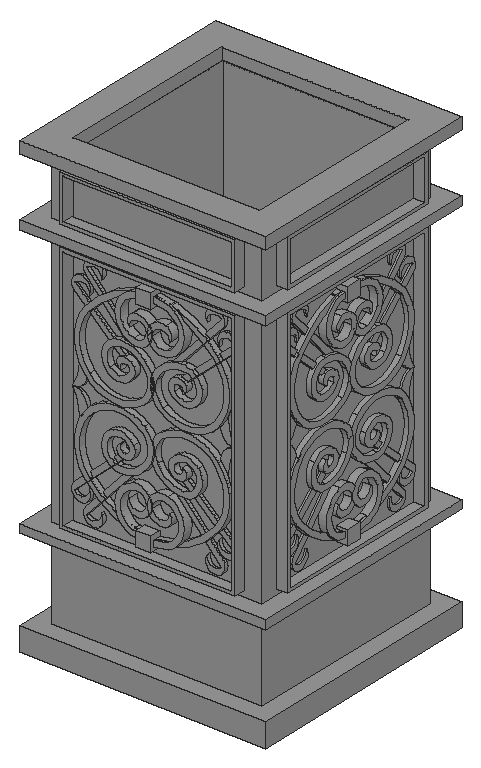
Revit family "Урна чугунная «Черниговская» Арт 15202", category Антураж, Revit 2018 (continued)
Automatic sketch dimensions
  Extrusion 64 sketch curve to Extrusion 64 sketch curve = 1.986 mm
  Extrusion 64 sketch curve to Extrusion 64 sketch curve = 17.621 mm
  Extrusion 64 sketch curve to Extrusion 64 sketch curve = 45.647 mm
  Extrusion 64 sketch curve to Extrusion 64 sketch curve = 2.862 mm
  Extrusion 64 sketch curve to Extrusion 64 sketch curve = 6.452 mm
  Extrusion 64 sketch curve to Extrusion 64 sketch curve = 11.077 mm
  Extrusion 64 sketch curve to Extrusion 64 sketch curve = 20.878 mm
  Extrusion 64 sketch curve to Extrusion 64 sketch curve = 2.122 mm
  Extrusion 64 sketch curve to Extrusion 64 sketch curve = 7.192 mm
  Extrusion 64 sketch curve to Extrusion 64 sketch curve = 2.576 mm
  Extrusion 64 sketch curve to Extrusion 64 sketch curve = 0.898 mm
  Extrusion 64 sketch curve to Extrusion 64 sketch curve = 8.092 mm
  Extrusion 64 sketch curve to Extrusion 64 sketch curve = 23.853 mm
  plane 3 "По центру (Влево/Вправо)" to Extrusion 65 sketch curve = 60 mm  (x2)
  Extrusion 65 sketch curve to Extrusion 65 sketch curve = 5 mm  (x8)
  Extrusion 65 sketch curve to plane 4 = 65 mm  (x2)
  level to Extrusion 65 sketch curve = 205 mm
  Extrusion 65 sketch curve to plane 6 = 150 mm
  Extrusion 65 sketch curve to Extrusion 65 sketch curve = 35 mm
  Extrusion 65 sketch curve to plane 6 = 35 mm
  plane 3 "По центру (Влево/Вправо)" to Extrusion 66 sketch curve = 202.5 mm
  Extrusion 66 sketch curve to Extrusion 66 sketch curve = 25 mm  (x2)
  Extrusion 66 sketch curve to plane 6 = 185.915 mm
  Extrusion 67 sketch curve to Extrusion 67 sketch curve = 0 mm  (x11)
  plane 3 "По центру (Влево/Вправо)" to Extrusion 67 sketch curve = 184.751 mm
  Extrusion 67 sketch curve to Extrusion 67 sketch curve = 0.633 mm
  Extrusion 67 sketch curve to Extrusion 67 sketch curve = 2.372 mm
  Extrusion 67 sketch curve to Extrusion 67 sketch curve = 5.824 mm
  Extrusion 67 sketch curve to Extrusion 67 sketch curve = 12.454 mm
  Extrusion 67 sketch curve to Extrusion 67 sketch curve = 29.04 mm
  Extrusion 67 sketch curve to plane 6 = 325.117 mm
  Extrusion 67 sketch curve to Extrusion 67 sketch curve = 97.879 mm
  Extrusion 67 sketch curve to Extrusion 67 sketch curve = 0.042 mm
  Extrusion 67 sketch curve to Extrusion 67 sketch curve = 8.778 mm
  Extrusion 67 sketch curve to Extrusion 67 sketch curve = 6.282 mm
  Extrusion 67 sketch curve to Extrusion 67 sketch curve = 34.487 mm
  Extrusion 67 sketch curve to Extrusion 67 sketch curve = 9.617 mm
  Extrusion 67 sketch curve to Extrusion 67 sketch curve = 10.522 mm
  Extrusion 67 sketch curve to Extrusion 67 sketch curve = 5.369 mm
  Extrusion 67 sketch curve to Extrusion 67 sketch curve = 3.121 mm
  Extrusion 67 sketch curve to Extrusion 67 sketch curve = 11.723 mm
  Extrusion 68 sketch curve to Extrusion 68 sketch curve = 0 mm  (x25)
  plane 3 "По центру (Влево/Вправо)" to Extrusion 68 sketch curve = 149.753 mm
  Extrusion 68 sketch curve to Extrusion 68 sketch curve = 2.264 mm
  Extrusion 68 sketch curve to Extrusion 68 sketch curve = 2.333 mm
  Extrusion 68 sketch curve to Extrusion 68 sketch curve = 3.575 mm
  Extrusion 68 sketch curve to Extrusion 68 sketch curve = 4.351 mm
  Extrusion 68 sketch curve to Extrusion 68 sketch curve = 4.85 mm
  Extrusion 68 sketch curve to Extrusion 68 sketch curve = 3.57 mm
  Extrusion 68 sketch curve to Extrusion 68 sketch curve = 5.249 mm
  Extrusion 68 sketch curve to Extrusion 68 sketch curve = 43.828 mm
  Extrusion 68 sketch curve to Extrusion 68 sketch curve = 49.275 mm
  Extrusion 68 sketch curve to plane 6 = 325.117 mm
  Extrusion 68 sketch curve to Extrusion 68 sketch curve = 12.045 mm
  Extrusion 68 sketch curve to Extrusion 68 sketch curve = 5.504 mm
  Extrusion 68 sketch curve to Extrusion 68 sketch curve = 10.303 mm
  Extrusion 68 sketch curve to Extrusion 68 sketch curve = 5.937 mm
  Extrusion 68 sketch curve to Extrusion 68 sketch curve = 0.23 mm
  Extrusion 68 sketch curve to Extrusion 68 sketch curve = 1.891 mm
  Extrusion 68 sketch curve to Extrusion 68 sketch curve = 3.4 mm
  Extrusion 68 sketch curve to Extrusion 68 sketch curve = 11.113 mm
  Extrusion 68 sketch curve to Extrusion 68 sketch curve = 100.401 mm
  Extrusion 68 sketch curve to Extrusion 68 sketch curve = 9.617 mm
  Extrusion 68 sketch curve to Extrusion 68 sketch curve = 15.274 mm
  Extrusion 68 sketch curve to Extrusion 68 sketch curve = 7.441 mm
  Extrusion 68 sketch curve to Extrusion 68 sketch curve = 27.201 mm
  Extrusion 68 sketch curve to Extrusion 68 sketch curve = 7.419 mm
  Extrusion 68 sketch curve to Extrusion 68 sketch curve = 3.617 mm
  Extrusion 68 sketch curve to Extrusion 68 sketch curve = 6.601 mm
  plane 3 "По центру (Влево/Вправо)" to Extrusion 69 sketch curve = 9.083 mm
  plane 3 "По центру (Влево/Вправо)" to Extrusion 69 sketch curve = 70.26 mm
  Extrusion 69 sketch curve to Extrusion 69 sketch curve = 61.747 mm
  Extrusion 69 sketch curve to Extrusion 69 sketch curve = 2.027 mm
  Extrusion 69 sketch curve to Extrusion 69 sketch curve = 13.364 mm
  Extrusion 69 sketch curve to Extrusion 69 sketch curve = 0.17 mm
  Extrusion 69 sketch curve to Extrusion 69 sketch curve = 7.163 mm
  Extrusion 69 sketch curve to Extrusion 69 sketch curve = 2.182 mm
  Extrusion 69 sketch curve to Extrusion 69 sketch curve = 12.798 mm
  Extrusion 69 sketch curve to Extrusion 69 sketch curve = 0.736 mm
  Extrusion 69 sketch curve to Extrusion 69 sketch curve = 80.062 mm
  Extrusion 69 sketch curve to Extrusion 69 sketch curve = 4.7 mm
  Extrusion 69 sketch curve to Extrusion 69 sketch curve = 8.308 mm
  Extrusion 69 sketch curve to Extrusion 69 sketch curve = 0.041 mm
  Extrusion 69 sketch curve to Extrusion 69 sketch curve = 1.338 mm
  Extrusion 69 sketch curve to Extrusion 69 sketch curve = 6.679 mm
  Extrusion 69 sketch curve to Extrusion 69 sketch curve = 15.967 mm
  Extrusion 69 sketch curve to plane 6 = 333.098 mm
  Extrusion 69 sketch curve to Extrusion 69 sketch curve = 14.779 mm
  Extrusion 69 sketch curve to Extrusion 69 sketch curve = 20.026 mm
  Extrusion 69 sketch curve to Extrusion 69 sketch curve = 15.807 mm
  Extrusion 69 sketch curve to Extrusion 69 sketch curve = 12.994 mm
  Extrusion 69 sketch curve to Extrusion 69 sketch curve = 1.986 mm
  Extrusion 69 sketch curve to Extrusion 69 sketch curve = 17.621 mm
  Extrusion 69 sketch curve to Extrusion 69 sketch curve = 45.647 mm
  Extrusion 69 sketch curve to Extrusion 69 sketch curve = 2.862 mm
  Extrusion 69 sketch curve to Extrusion 69 sketch curve = 6.452 mm
  Extrusion 69 sketch curve to Extrusion 69 sketch curve = 11.077 mm
  Extrusion 69 sketch curve to Extrusion 69 sketch curve = 20.878 mm
  Extrusion 69 sketch curve to Extrusion 69 sketch curve = 2.122 mm
  Extrusion 69 sketch curve to Extrusion 69 sketch curve = 7.192 mm
  Extrusion 69 sketch curve to Extrusion 69 sketch curve = 2.576 mm
  Extrusion 69 sketch curve to Extrusion 69 sketch curve = 0.898 mm
  Extrusion 69 sketch curve to Extrusion 69 sketch curve = 8.092 mm
  Extrusion 69 sketch curve to Extrusion 69 sketch curve = 23.853 mm
  Extrusion 70 sketch curve to Extrusion 70 sketch curve = 0 mm  (x11)
  Extrusion 70 sketch curve to plane 4 = 184.751 mm
  Extrusion 70 sketch curve to Extrusion 70 sketch curve = 0.633 mm
  Extrusion 70 sketch curve to Extrusion 70 sketch curve = 2.372 mm
  Extrusion 70 sketch curve to Extrusion 70 sketch curve = 5.824 mm
  Extrusion 70 sketch curve to Extrusion 70 sketch curve = 12.454 mm
  Extrusion 70 sketch curve to Extrusion 70 sketch curve = 29.04 mm
  Extrusion 70 sketch curve to plane 6 = 168.076 mm
  Extrusion 70 sketch curve to Extrusion 70 sketch curve = 9.617 mm
  Extrusion 70 sketch curve to Extrusion 70 sketch curve = 34.487 mm
  Extrusion 70 sketch curve to Extrusion 70 sketch curve = 6.282 mm
  Extrusion 70 sketch curve to Extrusion 70 sketch curve = 8.735 mm
  Extrusion 70 sketch curve to Extrusion 70 sketch curve = 0.042 mm
  Extrusion 70 sketch curve to Extrusion 70 sketch curve = 97.921 mm
  Extrusion 70 sketch curve to Extrusion 70 sketch curve = 10.522 mm
  Extrusion 70 sketch curve to Extrusion 70 sketch curve = 5.369 mm
  Extrusion 70 sketch curve to Extrusion 70 sketch curve = 3.121 mm
  Extrusion 70 sketch curve to Extrusion 70 sketch curve = 11.723 mm
  Extrusion 71 sketch curve to Extrusion 71 sketch curve = 0 mm  (x25)
  Extrusion 71 sketch curve to plane 4 = 149.753 mm
  Extrusion 71 sketch curve to Extrusion 71 sketch curve = 2.264 mm
  Extrusion 71 sketch curve to Extrusion 71 sketch curve = 2.333 mm
  Extrusion 71 sketch curve to Extrusion 71 sketch curve = 3.575 mm
  Extrusion 71 sketch curve to Extrusion 71 sketch curve = 4.351 mm
  Extrusion 71 sketch curve to Extrusion 71 sketch curve = 4.85 mm
  Extrusion 71 sketch curve to Extrusion 71 sketch curve = 3.57 mm
  Extrusion 71 sketch curve to Extrusion 71 sketch curve = 5.249 mm
  Extrusion 71 sketch curve to Extrusion 71 sketch curve = 43.828 mm
  Extrusion 71 sketch curve to Extrusion 71 sketch curve = 49.275 mm
  Extrusion 71 sketch curve to plane 6 = 168.076 mm
  Extrusion 71 sketch curve to Extrusion 71 sketch curve = 9.617 mm
  Extrusion 71 sketch curve to Extrusion 71 sketch curve = 100.401 mm
  Extrusion 71 sketch curve to Extrusion 71 sketch curve = 7.713 mm
  Extrusion 71 sketch curve to Extrusion 71 sketch curve = 3.4 mm
  Extrusion 71 sketch curve to Extrusion 71 sketch curve = 1.891 mm
  Extrusion 71 sketch curve to Extrusion 71 sketch curve = 2.121 mm
  Extrusion 71 sketch curve to Extrusion 71 sketch curve = 5.937 mm
  Extrusion 71 sketch curve to Extrusion 71 sketch curve = 10.303 mm
  Extrusion 71 sketch curve to Extrusion 71 sketch curve = 5.504 mm
  Extrusion 71 sketch curve to Extrusion 71 sketch curve = 17.549 mm
  Extrusion 71 sketch curve to Extrusion 71 sketch curve = 15.274 mm
  Extrusion 71 sketch curve to Extrusion 71 sketch curve = 7.441 mm
  Extrusion 71 sketch curve to Extrusion 71 sketch curve = 27.201 mm
  Extrusion 71 sketch curve to Extrusion 71 sketch curve = 7.419 mm
  Extrusion 71 sketch curve to Extrusion 71 sketch curve = 3.617 mm
  Extrusion 71 sketch curve to Extrusion 71 sketch curve = 6.601 mm
  Extrusion 72 sketch curve to plane 4 = 9.083 mm
  Extrusion 72 sketch curve to plane 4 = 70.26 mm
  Extrusion 72 sketch curve to Extrusion 72 sketch curve = 61.747 mm
  Extrusion 72 sketch curve to Extrusion 72 sketch curve = 2.027 mm
  Extrusion 72 sketch curve to Extrusion 72 sketch curve = 13.364 mm
  Extrusion 72 sketch curve to Extrusion 72 sketch curve = 0.17 mm
  Extrusion 72 sketch curve to Extrusion 72 sketch curve = 7.163 mm
  Extrusion 72 sketch curve to Extrusion 72 sketch curve = 2.182 mm
  Extrusion 72 sketch curve to Extrusion 72 sketch curve = 12.798 mm
  Extrusion 72 sketch curve to Extrusion 72 sketch curve = 0.736 mm
  Extrusion 72 sketch curve to Extrusion 72 sketch curve = 80.062 mm
  Extrusion 72 sketch curve to Extrusion 72 sketch curve = 4.7 mm
  Extrusion 72 sketch curve to Extrusion 72 sketch curve = 8.308 mm
  Extrusion 72 sketch curve to Extrusion 72 sketch curve = 0.041 mm
  Extrusion 72 sketch curve to Extrusion 72 sketch curve = 1.338 mm
  Extrusion 72 sketch curve to Extrusion 72 sketch curve = 6.679 mm
  Extrusion 72 sketch curve to Extrusion 72 sketch curve = 15.967 mm
  Extrusion 72 sketch curve to plane 6 = 169.324 mm
  Extrusion 72 sketch curve to Extrusion 72 sketch curve = 2.576 mm
  Extrusion 72 sketch curve to Extrusion 72 sketch curve = 7.192 mm
  Extrusion 72 sketch curve to Extrusion 72 sketch curve = 11.89 mm
  Extrusion 72 sketch curve to Extrusion 72 sketch curve = 19.116 mm
  Extrusion 72 sketch curve to Extrusion 72 sketch curve = 1.762 mm
  Extrusion 72 sketch curve to Extrusion 72 sketch curve = 6.452 mm
  Extrusion 72 sketch curve to Extrusion 72 sketch curve = 11.077 mm
  Extrusion 72 sketch curve to Extrusion 72 sketch curve = 45.647 mm
  Extrusion 72 sketch curve to Extrusion 72 sketch curve = 3.42 mm
  Extrusion 72 sketch curve to Extrusion 72 sketch curve = 21.041 mm
  Extrusion 72 sketch curve to Extrusion 72 sketch curve = 1.986 mm
  Extrusion 72 sketch curve to Extrusion 72 sketch curve = 6.177 mm
  Extrusion 72 sketch curve to Extrusion 72 sketch curve = 106.913 mm
  Extrusion 72 sketch curve to Extrusion 72 sketch curve = 14.779 mm
  Extrusion 72 sketch curve to Extrusion 72 sketch curve = 0.898 mm
  Extrusion 72 sketch curve to Extrusion 72 sketch curve = 8.092 mm
  Extrusion 72 sketch curve to Extrusion 72 sketch curve = 23.853 mm
  plane 3 "По центру (Влево/Вправо)" to Extrusion 73 sketch curve = 202.5 mm
  Extrusion 73 sketch curve to Extrusion 73 sketch curve = 25 mm  (x2)
  level to Extrusion 73 sketch curve = 220.915 mm
  Extrusion 74 sketch curve to Extrusion 74 sketch curve = 0 mm  (x11)
  plane 3 "По центру (Влево/Вправо)" to Extrusion 74 sketch curve = 184.751 mm
  Extrusion 74 sketch curve to Extrusion 74 sketch curve = 0.633 mm
  Extrusion 74 sketch curve to Extrusion 74 sketch curve = 2.372 mm
  Extrusion 74 sketch curve to Extrusion 74 sketch curve = 5.824 mm
  Extrusion 74 sketch curve to Extrusion 74 sketch curve = 12.454 mm
  Extrusion 74 sketch curve to Extrusion 74 sketch curve = 29.04 mm
  level to Extrusion 74 sketch curve = 228.076 mm
  Extrusion 74 sketch curve to Extrusion 74 sketch curve = 9.617 mm
  Extrusion 74 sketch curve to Extrusion 74 sketch curve = 34.487 mm
  Extrusion 74 sketch curve to Extrusion 74 sketch curve = 6.282 mm
  Extrusion 74 sketch curve to Extrusion 74 sketch curve = 8.735 mm
  Extrusion 74 sketch curve to Extrusion 74 sketch curve = 0.042 mm
  Extrusion 74 sketch curve to Extrusion 74 sketch curve = 97.921 mm
  Extrusion 74 sketch curve to Extrusion 74 sketch curve = 10.522 mm
  Extrusion 74 sketch curve to Extrusion 74 sketch curve = 5.369 mm
  Extrusion 74 sketch curve to Extrusion 74 sketch curve = 3.121 mm
  Extrusion 74 sketch curve to Extrusion 74 sketch curve = 11.723 mm
  Extrusion 75 sketch curve to Extrusion 75 sketch curve = 0 mm  (x25)
  plane 3 "По центру (Влево/Вправо)" to Extrusion 75 sketch curve = 149.753 mm
  Extrusion 75 sketch curve to Extrusion 75 sketch curve = 2.264 mm
  Extrusion 75 sketch curve to Extrusion 75 sketch curve = 2.333 mm
  Extrusion 75 sketch curve to Extrusion 75 sketch curve = 3.575 mm
  Extrusion 75 sketch curve to Extrusion 75 sketch curve = 4.351 mm
  Extrusion 75 sketch curve to Extrusion 75 sketch curve = 4.85 mm
  Extrusion 75 sketch curve to Extrusion 75 sketch curve = 3.57 mm
  Extrusion 75 sketch curve to Extrusion 75 sketch curve = 5.249 mm
  Extrusion 75 sketch curve to Extrusion 75 sketch curve = 43.828 mm
  Extrusion 75 sketch curve to Extrusion 75 sketch curve = 49.275 mm
  level to Extrusion 75 sketch curve = 228.076 mm
  Extrusion 75 sketch curve to Extrusion 75 sketch curve = 9.617 mm
  Extrusion 75 sketch curve to Extrusion 75 sketch curve = 100.401 mm
  Extrusion 75 sketch curve to Extrusion 75 sketch curve = 7.713 mm
  Extrusion 75 sketch curve to Extrusion 75 sketch curve = 3.4 mm
  Extrusion 75 sketch curve to Extrusion 75 sketch curve = 1.891 mm
  Extrusion 75 sketch curve to Extrusion 75 sketch curve = 2.121 mm
  Extrusion 75 sketch curve to Extrusion 75 sketch curve = 5.937 mm
  Extrusion 75 sketch curve to Extrusion 75 sketch curve = 10.303 mm
  Extrusion 75 sketch curve to Extrusion 75 sketch curve = 5.504 mm
  Extrusion 75 sketch curve to Extrusion 75 sketch curve = 17.549 mm
  Extrusion 75 sketch curve to Extrusion 75 sketch curve = 15.274 mm
  Extrusion 75 sketch curve to Extrusion 75 sketch curve = 7.441 mm
  Extrusion 75 sketch curve to Extrusion 75 sketch curve = 27.201 mm
  Extrusion 75 sketch curve to Extrusion 75 sketch curve = 7.419 mm
  Extrusion 75 sketch curve to Extrusion 75 sketch curve = 3.617 mm
  Extrusion 75 sketch curve to Extrusion 75 sketch curve = 6.601 mm
  plane 3 "По центру (Влево/Вправо)" to Extrusion 76 sketch curve = 9.083 mm
  plane 3 "По центру (Влево/Вправо)" to Extrusion 76 sketch curve = 70.26 mm
  Extrusion 76 sketch curve to Extrusion 76 sketch curve = 61.747 mm
  Extrusion 76 sketch curve to Extrusion 76 sketch curve = 2.027 mm
  Extrusion 76 sketch curve to Extrusion 76 sketch curve = 13.364 mm
  Extrusion 76 sketch curve to Extrusion 76 sketch curve = 0.17 mm
  Extrusion 76 sketch curve to Extrusion 76 sketch curve = 7.163 mm
  Extrusion 76 sketch curve to Extrusion 76 sketch curve = 2.182 mm
  Extrusion 76 sketch curve to Extrusion 76 sketch curve = 12.798 mm
  Extrusion 76 sketch curve to Extrusion 76 sketch curve = 0.736 mm
  Extrusion 76 sketch curve to Extrusion 76 sketch curve = 80.062 mm
  Extrusion 76 sketch curve to Extrusion 76 sketch curve = 4.7 mm
  Extrusion 76 sketch curve to Extrusion 76 sketch curve = 8.308 mm
  Extrusion 76 sketch curve to Extrusion 76 sketch curve = 0.041 mm
  Extrusion 76 sketch curve to Extrusion 76 sketch curve = 1.338 mm
  Extrusion 76 sketch curve to Extrusion 76 sketch curve = 6.679 mm
  Extrusion 76 sketch curve to Extrusion 76 sketch curve = 15.967 mm
  level to Extrusion 76 sketch curve = 229.324 mm
  Extrusion 76 sketch curve to Extrusion 76 sketch curve = 2.576 mm
  Extrusion 76 sketch curve to Extrusion 76 sketch curve = 7.192 mm
  Extrusion 76 sketch curve to Extrusion 76 sketch curve = 11.89 mm
  Extrusion 76 sketch curve to Extrusion 76 sketch curve = 19.116 mm
  Extrusion 76 sketch curve to Extrusion 76 sketch curve = 1.762 mm
  Extrusion 76 sketch curve to Extrusion 76 sketch curve = 6.452 mm
  Extrusion 76 sketch curve to Extrusion 76 sketch curve = 11.077 mm
  Extrusion 76 sketch curve to Extrusion 76 sketch curve = 45.647 mm
  Extrusion 76 sketch curve to Extrusion 76 sketch curve = 3.42 mm
  Extrusion 76 sketch curve to Extrusion 76 sketch curve = 21.041 mm
  Extrusion 76 sketch curve to Extrusion 76 sketch curve = 1.986 mm
  Extrusion 76 sketch curve to Extrusion 76 sketch curve = 6.177 mm
  Extrusion 76 sketch curve to Extrusion 76 sketch curve = 106.913 mm
  Extrusion 76 sketch curve to Extrusion 76 sketch curve = 14.779 mm
  Extrusion 76 sketch curve to Extrusion 76 sketch curve = 0.898 mm
  Extrusion 76 sketch curve to Extrusion 76 sketch curve = 8.092 mm
  Extrusion 76 sketch curve to Extrusion 76 sketch curve = 23.853 mm
  Extrusion 77 sketch curve to Extrusion 77 sketch curve = 0 mm  (x11)
  Extrusion 77 sketch curve to plane 4 = 184.751 mm
  Extrusion 77 sketch curve to Extrusion 77 sketch curve = 0.633 mm
  Extrusion 77 sketch curve to Extrusion 77 sketch curve = 2.372 mm
  Extrusion 77 sketch curve to Extrusion 77 sketch curve = 5.824 mm
  Extrusion 77 sketch curve to Extrusion 77 sketch curve = 12.454 mm
  Extrusion 77 sketch curve to Extrusion 77 sketch curve = 29.04 mm
  level to Extrusion 77 sketch curve = 385.117 mm
  Extrusion 77 sketch curve to Extrusion 77 sketch curve = 97.879 mm
  Extrusion 77 sketch curve to Extrusion 77 sketch curve = 0.042 mm
  Extrusion 77 sketch curve to Extrusion 77 sketch curve = 8.778 mm
  Extrusion 77 sketch curve to Extrusion 77 sketch curve = 6.282 mm
  Extrusion 77 sketch curve to Extrusion 77 sketch curve = 34.487 mm
  Extrusion 77 sketch curve to Extrusion 77 sketch curve = 9.617 mm
  Extrusion 77 sketch curve to Extrusion 77 sketch curve = 10.522 mm
  Extrusion 77 sketch curve to Extrusion 77 sketch curve = 5.369 mm
  Extrusion 77 sketch curve to Extrusion 77 sketch curve = 3.121 mm
  Extrusion 77 sketch curve to Extrusion 77 sketch curve = 11.723 mm
  Extrusion 78 sketch curve to Extrusion 78 sketch curve = 0 mm  (x25)
  Extrusion 78 sketch curve to plane 4 = 149.753 mm
  Extrusion 78 sketch curve to Extrusion 78 sketch curve = 2.264 mm
  Extrusion 78 sketch curve to Extrusion 78 sketch curve = 2.333 mm
  Extrusion 78 sketch curve to Extrusion 78 sketch curve = 3.575 mm
  Extrusion 78 sketch curve to Extrusion 78 sketch curve = 4.351 mm
  Extrusion 78 sketch curve to Extrusion 78 sketch curve = 4.85 mm
  Extrusion 78 sketch curve to Extrusion 78 sketch curve = 3.57 mm
  Extrusion 78 sketch curve to Extrusion 78 sketch curve = 5.249 mm
  Extrusion 78 sketch curve to Extrusion 78 sketch curve = 43.828 mm
  Extrusion 78 sketch curve to Extrusion 78 sketch curve = 49.275 mm
  level to Extrusion 78 sketch curve = 385.117 mm
  Extrusion 78 sketch curve to Extrusion 78 sketch curve = 12.045 mm
  Extrusion 78 sketch curve to Extrusion 78 sketch curve = 5.504 mm
  Extrusion 78 sketch curve to Extrusion 78 sketch curve = 10.303 mm
  Extrusion 78 sketch curve to Extrusion 78 sketch curve = 5.937 mm
  Extrusion 78 sketch curve to Extrusion 78 sketch curve = 0.23 mm
  Extrusion 78 sketch curve to Extrusion 78 sketch curve = 1.891 mm
  Extrusion 78 sketch curve to Extrusion 78 sketch curve = 3.4 mm
  Extrusion 78 sketch curve to Extrusion 78 sketch curve = 11.113 mm
  Extrusion 78 sketch curve to Extrusion 78 sketch curve = 100.401 mm
  Extrusion 78 sketch curve to Extrusion 78 sketch curve = 9.617 mm
  Extrusion 78 sketch curve to Extrusion 78 sketch curve = 15.274 mm
  Extrusion 78 sketch curve to Extrusion 78 sketch curve = 7.441 mm
  Extrusion 78 sketch curve to Extrusion 78 sketch curve = 27.201 mm
  Extrusion 78 sketch curve to Extrusion 78 sketch curve = 7.419 mm
  Extrusion 78 sketch curve to Extrusion 78 sketch curve = 3.617 mm
  Extrusion 78 sketch curve to Extrusion 78 sketch curve = 6.601 mm
  Extrusion 79 sketch curve to plane 4 = 9.083 mm
  Extrusion 79 sketch curve to plane 4 = 70.26 mm
  Extrusion 79 sketch curve to Extrusion 79 sketch curve = 61.747 mm
  Extrusion 79 sketch curve to Extrusion 79 sketch curve = 2.027 mm
  Extrusion 79 sketch curve to Extrusion 79 sketch curve = 13.364 mm
  Extrusion 79 sketch curve to Extrusion 79 sketch curve = 0.17 mm
  Extrusion 79 sketch curve to Extrusion 79 sketch curve = 7.163 mm
  Extrusion 79 sketch curve to Extrusion 79 sketch curve = 2.182 mm
  Extrusion 79 sketch curve to Extrusion 79 sketch curve = 12.798 mm
  Extrusion 79 sketch curve to Extrusion 79 sketch curve = 0.736 mm
  Extrusion 79 sketch curve to Extrusion 79 sketch curve = 80.062 mm
  Extrusion 79 sketch curve to Extrusion 79 sketch curve = 4.7 mm
  Extrusion 79 sketch curve to Extrusion 79 sketch curve = 8.308 mm
  Extrusion 79 sketch curve to Extrusion 79 sketch curve = 0.041 mm
  Extrusion 79 sketch curve to Extrusion 79 sketch curve = 1.338 mm
  Extrusion 79 sketch curve to Extrusion 79 sketch curve = 6.679 mm
  Extrusion 79 sketch curve to Extrusion 79 sketch curve = 15.967 mm
  Extrusion 79 sketch curve to plane 6 = 381.902 mm
  Extrusion 79 sketch curve to Extrusion 79 sketch curve = 14.779 mm
  Extrusion 79 sketch curve to Extrusion 79 sketch curve = 20.026 mm
  Extrusion 79 sketch curve to Extrusion 79 sketch curve = 15.807 mm
  Extrusion 79 sketch curve to Extrusion 79 sketch curve = 12.994 mm
  Extrusion 79 sketch curve to Extrusion 79 sketch curve = 1.986 mm
  Extrusion 79 sketch curve to Extrusion 79 sketch curve = 17.621 mm
  Extrusion 79 sketch curve to Extrusion 79 sketch curve = 45.647 mm
  Extrusion 79 sketch curve to Extrusion 79 sketch curve = 2.862 mm
  Extrusion 79 sketch curve to Extrusion 79 sketch curve = 6.452 mm
  Extrusion 79 sketch curve to Extrusion 79 sketch curve = 11.077 mm
  Extrusion 79 sketch curve to Extrusion 79 sketch curve = 20.878 mm
  Extrusion 79 sketch curve to Extrusion 79 sketch curve = 2.122 mm
  Extrusion 79 sketch curve to Extrusion 79 sketch curve = 7.192 mm
  Extrusion 79 sketch curve to Extrusion 79 sketch curve = 2.576 mm
  Extrusion 79 sketch curve to Extrusion 79 sketch curve = 0.898 mm
  Extrusion 79 sketch curve to Extrusion 79 sketch curve = 8.092 mm
  Extrusion 79 sketch curve to Extrusion 79 sketch curve = 23.853 mm
  plane 3 "По центру (Влево/Вправо)" to Extrusion 80 sketch curve = 50 mm
  Extrusion 80 sketch curve to plane 4 = 50 mm
  Extrusion 80 sketch curve to plane 1 "По центру (Вперед/Назад)" = 50 mm
  Extrusion 80 sketch curve to plane 5 = 50 mm
  plane 3 "По центру (Влево/Вправо)" to Extrusion 81 sketch curve = 52 mm
  Extrusion 81 sketch curve to plane 4 = 52 mm
  Extrusion 81 sketch curve to plane 1 "По центру (Вперед/Назад)" = 52 mm
  Extrusion 81 sketch curve to plane 5 = 52 mm
